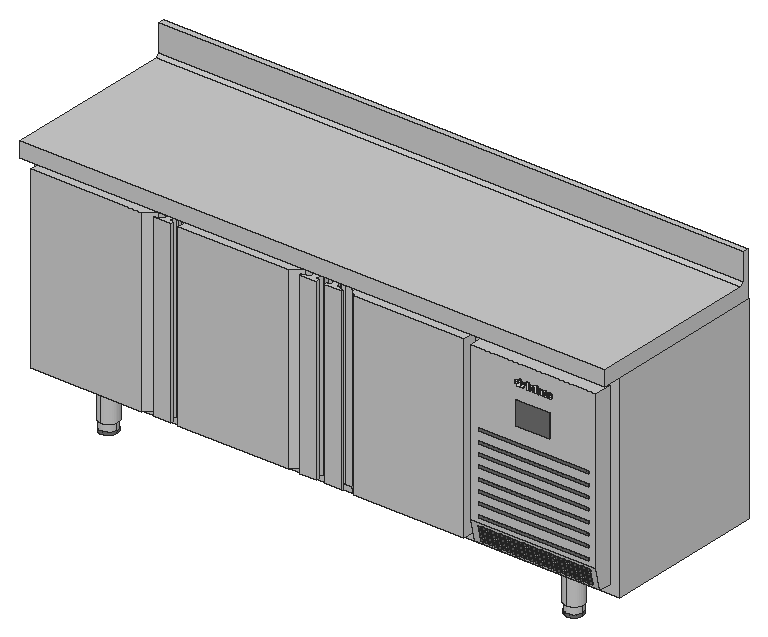
Revit family "QF_INFRICO_BMPP2000II_250812082759", category Specialty Equipment, Revit 2021 (continued)
Definition of nested family "QF_INFRICO_LEGS_8022"
  Types (29, lengths in mm): name | Model | Length | Height | Depth | CentralLegs
    LEGS_1470_700 | "LEGS_1470_700" | 1468 | 140 | 700 | no
    LEGS_2450_700 | "LEGS_2450_700" | 2452 | 140 | 700 | yes
    LEGS_1470_600 | "LEGS_1470_600" | 1468 | 140 | 600 | no
    LEGS_1960_600 | "LEGS_1960_600" | 1960 | 140 | 600 | no
    LEGS_2450_600 | "LEGS_2450_600" | 2452 | 140 | 600 | yes
    LEGS_1610_800 | "LEGS_1610_800" | 1618 | 140 | 800 | no
    LEGS_2190_800 | "LEGS_2190_800" | 2185 | 140 | 800 | no
    LEGS_2750_800 | "LEGS_2750_800" | 2752 | 140 | 800 | yes
    LEGS_1160_700 | "LEGS_1160_700" | 1160 | 140 | 700 | no
    LEGS_1650_700 | "LEGS_1650_700" | 1652 | 140 | 700 | no
    LEGS_2140_700 | "LEGS_2140_700" | 2144 | 140 | 700 | yes
    LEGS_1960_640 | "LEGS_1960_640" | 1960 | 140 | 638 | no
    LEGS_1470_640 | "LEGS_1470_640" | 1468 | 140 | 638 | no
    LEGS_1160_600 | "LEGS_1160_600" | 1160 | 140 | 600 | no
    LEGS_1650_600 | "LEGS_1650_600" | 1652 | 140 | 600 | no
    LEGS_1310_800 | "LEGS_1310_800" | 1310 | 140 | 800 | no
    LEGS_1890_800 | "LEGS_1890_800" | 1877 | 140 | 800 | no
    LEGS_2440_800 | "LEGS_2440_800" | 2444 | 140 | 800 | yes
    LEGS_1610_740 | "LEGS_1610_740" | 1618 | 140 | 738 | no
    LEGS_2190_740 | "LEGS_2190_740" | 2185 | 140 | 738 | no
    LEGS_2140_600 | "LEGS_2140_600" | 2144 | 140 | 600 | yes
    LEGS_980_800 | "LEGS_980_800" | 980 | 150 | 800 | no
    LEGS_1470_800 | "LEGS_1470_800" | 1468 | 150 | 800 | no
    LEGS_1740_800 | "LEGS_1740_800" | 1738 | 140 | 800 | no
    LEGS_2300_800 | "LEGS_2300_800" | 2305 | 140 | 800 | yes
    LEGS_1690_800 | "LEGS_1690_800" | 1693 | 140 | 800 | no
    LEGS_2260_800 | "LEGS_2260_800" | 2260 | 140 | 800 | yes
    LEGS_1460_700 | "LEGS_1460_700" | 1460 | 140 | 700 | no
  Reference planes
    plane 1 "Back": y = 0
    plane 2: z = 0
    plane 3 "Left": x = 0
    plane 4 "Right": x = 2185
    plane 5 "Front": y = -738
    plane 6 "Top": z = 140
    plane 7 "Central": x = 1092.5
  Forms (mm)
    Extrusion 1, solid
      sketch origin (0, 0, 140) x (0, 1, 0) y (-1, 0, 0)
        loop
          line (-568, -154.986) -> (-668, -154.986) -> (-668, -244.986) -> (-568, -244.986) -> (-568, -154.986)
      from 0 to -3
    Extrusion 2, solid
      sketch origin (0, 0, 0) x (1, 0, 0) y (0, 1, 0)
        loop
          circle (199.986, -618) r 28
      from 9 to 35
    Extrusion 3, solid
      sketch origin (0, 0, 0) x (1, 0, 0) y (0, 1, 0)
        loop
          circle (199.986, -618) r 28.5
      from 0 to 9
    Sweep 4, solid
      path origin (0, 0, 0) x (0, 1, 0) y (0, 0, 1)
        loop
          line (-618, 35) -> (-618, 137)
      profile origin (0, -618, 86) x (0, -1, 0) y (1, 0, 0)
        loop
          circle (0, 199.986) r 32
    Extrusion 5, solid
      sketch origin (0, 500, 140) x (0, 1, 0) y (-1, 0, 0)
        loop
          line (-530, -154.986) -> (-630, -154.986) -> (-630, -244.986) -> (-530, -244.986) -> (-530, -154.986)
      from 0 to -3
    Extrusion 6, solid
      sketch origin (0, 500, 0) x (1, 0, 0) y (0, 1, 0)
        loop
          circle (199.986, -580) r 28
      from 9 to 35
    Extrusion 7, solid
      sketch origin (0, 500, 0) x (1, 0, 0) y (0, 1, 0)
        loop
          circle (199.986, -580) r 28.5
      from 0 to 9
    Sweep 8, solid
      path origin (0, 500, 0) x (0, 1, 0) y (0, 0, 1)
        loop
          line (-580, 35) -> (-580, 137)
      profile origin (0, -80, 86) x (0, -1, 0) y (1, 0, 0)
        loop
          circle (0, 199.986) r 32
    Extrusion 9, solid
      sketch origin (1560, 0, 140) x (0, 1, 0) y (-1, 0, 0)
        loop
          line (-568, -379.986) -> (-668, -379.986) -> (-668, -469.986) -> (-568, -469.986) -> (-568, -379.986)
      from 0 to -3
    Extrusion 10, solid
      sketch origin (1560, 0, 0) x (1, 0, 0) y (0, 1, 0)
        loop
          circle (424.986, -618) r 28
      from 9 to 35
    Extrusion 11, solid
      sketch origin (1560, 0, 0) x (1, 0, 0) y (0, 1, 0)
        loop
          circle (424.986, -618) r 28.5
      from 0 to 9
    Sweep 12, solid
      path origin (2185, 0, 0) x (0, -1, 0) y (0, 0, 1)
        loop
          line (618, 35) -> (618, 137)
      profile origin (2185, -618, 86) x (0, 1, 0) y (-1, 0, 0)
        loop
          circle (0, 199.986) r 32
    Extrusion 13, solid
      sketch origin (1560, 500, 140) x (0, 1, 0) y (-1, 0, 0)
        loop
          line (-530, -379.986) -> (-630, -379.986) -> (-630, -469.986) -> (-530, -469.986) -> (-530, -379.986)
      from 0 to -3
    Extrusion 14, solid
      sketch origin (1560, 500, 0) x (1, 0, 0) y (0, 1, 0)
        loop
          circle (424.986, -580) r 28
      from 9 to 35
    Extrusion 15, solid
      sketch origin (1560, 500, 0) x (1, 0, 0) y (0, 1, 0)
        loop
          circle (424.986, -580) r 28.5
      from 0 to 9
    Sweep 16, solid
      path origin (2185, 0, 0) x (0, -1, 0) y (0, 0, 1)
        loop
          line (80, 35) -> (80, 137)
      profile origin (2185, -80, 86) x (0, 1, 0) y (-1, 0, 0)
        loop
          circle (0, 199.986) r 32
    Extrusion 17, solid, visible <- "CentralLegs"
      sketch origin (534.014, 0, 140) x (0, 1, 0) y (-1, 0, 0)
        loop
          line (-568, -513.486) -> (-668, -513.486) -> (-668, -603.486) -> (-568, -603.486) -> (-568, -513.486)
      from 0 to -3
    Extrusion 18, solid, visible <- "CentralLegs"
      sketch origin (534.014, 0, 0) x (1, 0, 0) y (0, 1, 0)
        loop
          circle (558.486, -618) r 28
      from 9 to 35
    Extrusion 19, solid, visible <- "CentralLegs"
      sketch origin (534.014, 0, 0) x (1, 0, 0) y (0, 1, 0)
        loop
          circle (558.486, -618) r 28.5
      from 0 to 9
    Sweep 20, solid, visible <- "CentralLegs"
      path origin (1092.5, 0, 0) x (0, -1, 0) y (0, 0, 1)
        loop
          line (618, 35) -> (618, 137)
      profile origin (1092.5, -618, 86) x (0, 1, 0) y (-1, 0, 0)
        loop
          circle (0, -0.014) r 32
    Extrusion 21, solid, visible <- "CentralLegs"
      sketch origin (534.014, 500, 140) x (0, 1, 0) y (-1, 0, 0)
        loop
          line (-530, -513.486) -> (-630, -513.486) -> (-630, -603.486) -> (-530, -603.486) -> (-530, -513.486)
      from 0 to -3
    Extrusion 22, solid, visible <- "CentralLegs"
      sketch origin (534.014, 500, 0) x (1, 0, 0) y (0, 1, 0)
        loop
          circle (558.486, -580) r 28
      from 9 to 35
    Extrusion 23, solid, visible <- "CentralLegs"
      sketch origin (534.014, 500, 0) x (1, 0, 0) y (0, 1, 0)
        loop
          circle (558.486, -580) r 28.5
      from 0 to 9
    Sweep 24, solid, visible <- "CentralLegs"
      path origin (1092.5, 0, 0) x (0, -1, 0) y (0, 0, 1)
        loop
          line (80, 35) -> (80, 137)
      profile origin (1092.5, -80, 86) x (0, 1, 0) y (-1, 0, 0)
        loop
          circle (0, -0.014) r 32
  Dimensions and locks
    "Length": plane 3 "Left" to plane 4 "Right"
    "Depth": plane 1 "Back" to plane 5 "Front"
    "Height": plane 6 "Top" to plane 2
    equal spacing: plane 3 "Left", plane 7 "Central", plane 4 "Right"
    locked: Sweep 20 sketch curve to profile plane at 0.014
    locked: Sweep 24 sketch curve to profile plane at 0.014
    aligned and locked: level to plane 2
  Automatic sketch dimensions
    plane 5 "Front" to Extrusion 1 sketch curve = 70 mm
    Extrusion 1 sketch curve to Extrusion 1 sketch curve = 100 mm
    plane 3 "Left" to Extrusion 1 sketch curve = 244.986 mm
    Extrusion 1 sketch curve to Extrusion 1 sketch curve = 90 mm
    plane 3 "Left" to Extrusion 2 sketch curve = 199.986 mm
    plane 5 "Front" to Extrusion 2 sketch curve = 120 mm
    plane 3 "Left" to Extrusion 3 sketch curve = 199.986 mm
    plane 5 "Front" to Extrusion 3 sketch curve = 120 mm
    Sweep 4 sketch curve to plane 6 "Top" = 3 mm
    plane 5 "Front" to Sweep 4 sketch curve = 120 mm
    level to Sweep 4 sketch curve = 35 mm
    Sweep 4 sketch curve to profile plane = 0 mm
    plane 3 "Left" to Sweep 4 sketch curve = 199.986 mm
    plane 1 "Back" to Extrusion 5 sketch curve = 130 mm
    plane 1 "Back" to Extrusion 5 sketch curve = 30 mm
    plane 3 "Left" to Extrusion 5 sketch curve = 244.986 mm
    Extrusion 5 sketch curve to Extrusion 5 sketch curve = 90 mm
    plane 1 "Back" to Extrusion 6 sketch curve = 80 mm
    plane 3 "Left" to Extrusion 6 sketch curve = 199.986 mm
    plane 1 "Back" to Extrusion 7 sketch curve = 80 mm
    plane 3 "Left" to Extrusion 7 sketch curve = 199.986 mm
    Sweep 8 sketch curve to plane 6 "Top" = 3 mm
    plane 1 "Back" to Sweep 8 sketch curve = 80 mm
    level to Sweep 8 sketch curve = 35 mm
    Sweep 8 sketch curve to profile plane = 0 mm
    plane 3 "Left" to Sweep 8 sketch curve = 199.986 mm
    plane 5 "Front" to Extrusion 9 sketch curve = 70 mm
    Extrusion 9 sketch curve to Extrusion 9 sketch curve = 100 mm
    plane 4 "Right" to Extrusion 9 sketch curve = 155.014 mm
    Extrusion 9 sketch curve to Extrusion 9 sketch curve = 90 mm
    plane 4 "Right" to Extrusion 10 sketch curve = 200.014 mm
    plane 5 "Front" to Extrusion 10 sketch curve = 120 mm
    plane 4 "Right" to Extrusion 11 sketch curve = 200.014 mm
    plane 5 "Front" to Extrusion 11 sketch curve = 120 mm
    Sweep 12 sketch curve to profile plane = 0 mm
    profile plane to Sweep 12 sketch curve = 199.986 mm
    plane 1 "Back" to Extrusion 13 sketch curve = 130 mm
    plane 1 "Back" to Extrusion 13 sketch curve = 30 mm
    plane 4 "Right" to Extrusion 13 sketch curve = 155.014 mm
    Extrusion 13 sketch curve to Extrusion 13 sketch curve = 90 mm
    plane 1 "Back" to Extrusion 14 sketch curve = 80 mm
    plane 4 "Right" to Extrusion 14 sketch curve = 200.014 mm
    plane 1 "Back" to Extrusion 15 sketch curve = 80 mm
    plane 4 "Right" to Extrusion 15 sketch curve = 200.014 mm
    Sweep 16 sketch curve to profile plane = 0 mm
    profile plane to Sweep 16 sketch curve = 199.986 mm
    plane 5 "Front" to Extrusion 17 sketch curve = 70 mm
    Extrusion 17 sketch curve to plane 7 "Central" = 45 mm
    Extrusion 17 sketch curve to Extrusion 17 sketch curve = 100 mm
    plane 7 "Central" to Extrusion 17 sketch curve = 45 mm
    Extrusion 18 sketch curve to plane 7 "Central" = 0 mm
    plane 5 "Front" to Extrusion 18 sketch curve = 120 mm
    Extrusion 19 sketch curve to plane 7 "Central" = 0 mm
    plane 5 "Front" to Extrusion 19 sketch curve = 120 mm
    Sweep 20 sketch curve to profile plane = 0 mm
    plane 7 "Central" to Extrusion 21 sketch curve = 45 mm
    plane 1 "Back" to Extrusion 21 sketch curve = 130 mm
    plane 1 "Back" to Extrusion 21 sketch curve = 30 mm
    Extrusion 21 sketch curve to plane 7 "Central" = 45 mm
    Extrusion 22 sketch curve to plane 7 "Central" = 0 mm
    plane 1 "Back" to Extrusion 22 sketch curve = 80 mm
    Extrusion 23 sketch curve to plane 7 "Central" = 0 mm
    plane 1 "Back" to Extrusion 23 sketch curve = 80 mm
    Sweep 24 sketch curve to profile plane = 0 mm
    Sweep 16 sketch curve to plane 6 "Top" = 3 mm
    plane 1 "Back" to Sweep 16 sketch curve = 80 mm
    level to Sweep 16 sketch curve = 35 mm
    Sweep 12 sketch curve to plane 6 "Top" = 3 mm
    plane 5 "Front" to Sweep 12 sketch curve = 120 mm
    level to Sweep 12 sketch curve = 35 mm
    Sweep 20 sketch curve to plane 6 "Top" = 3 mm
    plane 5 "Front" to Sweep 20 sketch curve = 120 mm
    level to Sweep 20 sketch curve = 35 mm
    Sweep 24 sketch curve to plane 6 "Top" = 3 mm
    plane 1 "Back" to Sweep 24 sketch curve = 80 mm
    level to Sweep 24 sketch curve = 35 mm
    radius of Extrusion 2 sketch curve = 28 mm
    radius of Extrusion 3 sketch curve = 28.5 mm
    radius of Sweep 4 sketch curve = 32 mm
    radius of Extrusion 6 sketch curve = 28 mm
    radius of Extrusion 7 sketch curve = 28.5 mm
    radius of Sweep 8 sketch curve = 32 mm
    radius of Extrusion 10 sketch curve = 28 mm
    radius of Extrusion 11 sketch curve = 28.5 mm
    radius of Sweep 12 sketch curve = 32 mm
    radius of Extrusion 14 sketch curve = 28 mm
    radius of Extrusion 15 sketch curve = 28.5 mm
    radius of Sweep 16 sketch curve = 32 mm
    radius of Extrusion 18 sketch curve = 28 mm
    radius of Extrusion 19 sketch curve = 28.5 mm
    radius of Sweep 20 sketch curve = 32 mm
    radius of Extrusion 22 sketch curve = 28 mm
    radius of Extrusion 23 sketch curve = 28.5 mm
    radius of Sweep 24 sketch curve = 32 mm
Definition of nested family "CONN_POINT_DRAIN_2D___Generic_Annotation"
  Parameters (values of type "CONN_POINT_DRAIN_2D___Generic_Annotation")
    Onboard connection annotation symbol visibility [instance] = yes
  Reference planes
    plane 1: y = 0
    plane 2: x = 0
  Lines and regions (mm)
    detail lines, visible <- "Onboard connection annotation symbol visibility"
      curve 1: circle (0, 0, 0) r 0.5 normal (0, 0, 1)
      curve 2: line (-1, 0, 0) -> (1, 0, 0)
      curve 3: line (0, 1, 0) -> (0, -1, 0)
      curve 4: line (1.776, 1, 0) -> (1.25, 1, 0)
      curve 5: line (1.25, 1, 0) -> (1.25, -1, 0)
      curve 6: line (1.25, -1, 0) -> (1.776, -1, 0)
      curve 7: arc (2.206, -0.862, 0) -> (2.459, -0.589, 0) -> (2.583, -0.238, 0) r 0.918
      curve 8: arc (2.583, 0.238, 0) -> (2.459, 0.589, 0) -> (2.206, 0.862, 0) r 0.918
      curve 9: arc (2.583, -0.238, 0) -> (2.599, 0, 0) -> (2.583, 0.238, 0) r 1.77
      curve 10: arc (2.206, 0.862, 0) -> (2.002, 0.965, 0) -> (1.776, 1, 0) r 0.741
      curve 11: arc (1.776, -1, 0) -> (2.002, -0.965, 0) -> (2.206, -0.862, 0) r 0.741
Definition of nested family "CONN_POINT_ELE_2D___Generic_Annotation"
  Parameters (values of type "CONN_POINT_ELE_2D___Generic_Annotation")
    Onboard connection annotation symbol visibility [instance] = yes
  Reference planes
    plane 1: y = 0
    plane 2: x = 0
  Lines and regions (mm)
    detail lines, visible <- "Onboard connection annotation symbol visibility"
      curve 1: circle (0, 0, 0) r 0.5 normal (0, 0, 1)
      curve 2: line (-1, 0, 0) -> (1, 0, 0)
      curve 3: line (0, 1, 0) -> (0, -1, 0)
      curve 4: line (2.5, 1, 0) -> (1.25, 1, 0)
      curve 5: line (1.25, 1, 0) -> (1.25, -1, 0)
      curve 6: line (1.25, -1, 0) -> (2.5, -1, 0)
      curve 7: line (1.25, 0, 0) -> (2, 0, 0)
